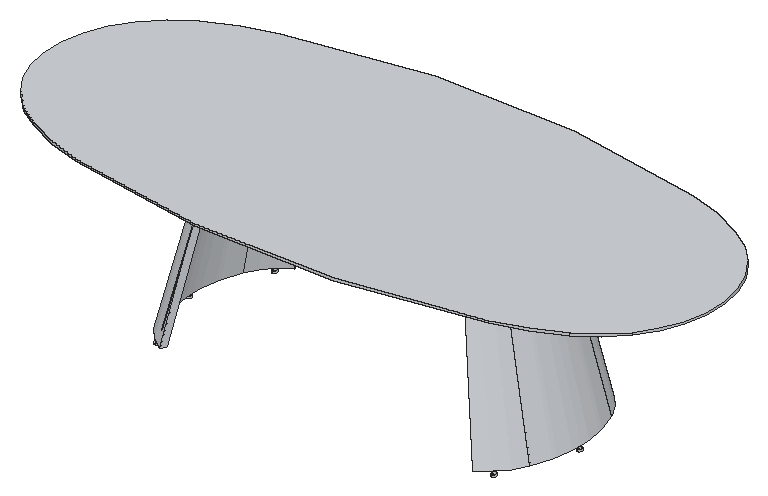
Revit family "Keilhauer-Forsi-Table-Working-Lounge", category Furniture, Revit 2016
Family settings
  OmniClass Number = 23.40.20.00
  OmniClass Title = General Furniture and Specialties
  Work Plane-Based = No
  Always vertical = Yes
  Cut with Voids When Loaded = No
  Shared = No
  Room Calculation Point = No
Parameters (values of type "82203")
  Width = 102"
  URL = "https://keilhauer.com/"
  Type Comments = "Forsi"  # constant formula
  Salvage or Reuse = yes
  Product Documentation Link = "https://keilhauer.com/product-family/forsi/"
  Percentage of Recycled Content = 0
  Model = "82203"
  Manufacturer = "Keilhauer"  # constant formula
  Low Emitting Material = yes
  Low Emitting Finish = yes
  Revit File Built By = "https://servex-us.com/servex-revit/"
  Top Finish [instance] = none
  Keynote = "12500"
  Height = 27"
  Glides Finish [instance] = none
  Frame Finish [instance] = none
  Description = "Working lounge table with ash base"
  Depth = 47"
  Copyright = "© 2022 Keilhauer"
  Base Finish [instance] = none
  Assembly Code = "E2020200"
Types (3): name | Model | Description
  (no name) | "82203" | "Working lounge table with ash base"
  82203 | "82203" | "Working lounge table with ash base"
  82204 | "82204" | "Working lounge table with walnut base"
Reference planes (in)
  plane 1 "Center Front/Back": y = 0
  plane 2: z = 0
  plane 3 "Center Left/Right": x = 0
  plane 4: z = 27
  plane 5: z = 26
  plane 6: z = 0.76743
  plane 7: x = -51
  plane 8: x = 51
  plane 9: y = 23.5
  plane 10: y = -23.5
Forms (in)
  Sweep 1, solid, material <- "Top Finish"
    path origin (0, 25.70756, 27) x (0, 1, 0) y (-1, 0, 0)
      loop
        arc (-6.15322, 31.75) -> (-7.69721, 36.5831) -> (-9.82452, 41.18932) r 41.12935
        arc (-9.82452, 41.18932) -> (-11.95348, 44.35767) -> (-14.65481, 47.05467) r 19.65134
        arc (-14.65481, 47.05467) -> (-25.70756, 51.01) -> (-36.76031, 47.05467) r 17.42052
        arc (-36.76031, 47.05467) -> (-39.46164, 44.35767) -> (-41.5906, 41.18932) r 19.65134
        arc (-41.5906, 41.18932) -> (-43.71792, 36.5831) -> (-45.2619, 31.75) r 41.12935
        arc (-45.2619, 31.75) -> (-49.21106, 0) -> (-45.2619, -31.75) r 129.60478
        arc (-45.2619, -31.75) -> (-43.71792, -36.5831) -> (-41.5906, -41.18932) r 41.12935
        arc (-41.5906, -41.18932) -> (-39.46164, -44.35767) -> (-36.76031, -47.05467) r 19.65134
        arc (-36.76031, -47.05467) -> (-25.70756, -51.01) -> (-14.65481, -47.05467) r 17.42052
        arc (-14.65481, -47.05467) -> (-11.95348, -44.35767) -> (-9.82452, -41.18932) r 19.65134
        arc (-9.82452, -41.18932) -> (-7.69721, -36.5831) -> (-6.15322, -31.75) r 41.12935
        arc (-6.15322, -31.75) -> (-2.20407, 0) -> (-6.15322, 31.75) r 129.60478
    profile origin (0, 23.50349, 27) x (0, 1, 0) y (0, 0, 1)
      loop
        line (0, 0) -> (-1.73644, 0) -> (-1.73644, -1) -> (0, -0.36799) -> (0, 0)
  Extrusion 2, solid, material <- "Top Finish"
    sketch origin (0, 24.07523, 26) x (0, 1, 0) y (-1, 0, 0)
      loop
        arc (-6.20441, 31.32462) -> (-7.68321, 35.95367) -> (-9.72072, 40.36542) r 39.39291
        arc (-9.72072, 40.36542) -> (-11.66156, 43.25381) -> (-14.12419, 45.71249) r 17.9149
        arc (-14.12419, 45.71249) -> (-24.07523, 49.27357) -> (-34.02627, 45.71249) r 15.68408
        arc (-34.02627, 45.71249) -> (-36.4889, 43.25381) -> (-38.42975, 40.36542) r 17.9149
        arc (-38.42975, 40.36542) -> (-40.46725, 35.95367) -> (-41.94605, 31.32462) r 39.39291
        arc (-41.94605, 31.32462) -> (-45.84229, 0) -> (-41.94605, -31.32462) r 127.86834
        arc (-41.94605, -31.32462) -> (-40.46725, -35.95367) -> (-38.42975, -40.36542) r 39.39291
        arc (-38.42975, -40.36542) -> (-36.4889, -43.25381) -> (-34.02627, -45.71249) r 17.9149
        arc (-34.02627, -45.71249) -> (-24.07523, -49.27357) -> (-14.12419, -45.71249) r 15.68408
        arc (-14.12419, -45.71249) -> (-11.66156, -43.25381) -> (-9.72072, -40.36542) r 17.9149
        arc (-9.72072, -40.36542) -> (-7.68321, -35.95367) -> (-6.20441, -31.32462) r 39.39291
        arc (-6.20441, -31.32462) -> (-2.30817, 0) -> (-6.20441, 31.32462) r 127.86834
    from 0 to 1
  Blend 3, solid, material <- "Base Finish"
    base sketch origin (0, 11.79175, 0.76743) x (0, 1, 0) y (-1, 0, 0)
      loop
        arc (-3.88954, 28.65625) -> (-11.79175, 30.36369) -> (-19.69396, 28.65625) r 19.13985
        arc (-19.69396, 28.65625) -> (-22.63111, 26.75382) -> (-24.87935, 24.07211) r 11.77362
        line (-24.87935, 24.07211) -> (-24.02606, 23.55067)
        arc (-24.02606, 23.55067) -> (-21.96878, 26.00461) -> (-19.28109, 27.74546) r 10.77362
        arc (-19.28109, 27.74546) -> (-11.79175, 29.36369) -> (-4.30241, 27.74546) r 18.13985
        arc (-4.30241, 27.74546) -> (-1.61472, 26.00461) -> (0.44256, 23.55067) r 10.77362
        line (0.44256, 23.55067) -> (1.29585, 24.07211)
        arc (1.29585, 24.07211) -> (-0.95238, 26.75382) -> (-3.88954, 28.65625) r 11.77362
    top sketch origin (0, 11.79175, 0.76743) x (0, 1, 0) y (-1, 0, 0)
      loop
        arc (-6.24134, 22.55922) -> (-11.79175, 23.73734) -> (-17.34215, 22.55922) r 13.66371
        arc (-17.34215, 22.55922) -> (-19.4113, 21.23586) -> (-20.99433, 19.35792) r 8.18012
        line (-20.99433, 19.35792) -> (-20.14164, 18.83549)
        arc (-20.14164, 18.83549) -> (-18.75214, 20.48386) -> (-16.93594, 21.64544) r 7.18012
        arc (-16.93594, 21.64544) -> (-11.79175, 22.73734) -> (-6.64756, 21.64544) r 12.66371
        arc (-6.64756, 21.64544) -> (-4.83136, 20.48386) -> (-3.44185, 18.83549) r 7.18012
        line (-3.44185, 18.83549) -> (-2.58917, 19.35792)
        arc (-2.58917, 19.35792) -> (-4.1722, 21.23586) -> (-6.24134, 22.55922) r 8.18012
    from 0 to 25.23257
  Extrusion 4, solid, material <- "Frame Finish"
    sketch origin (0, 24.07523, 26) x (0, 1, 0) y (-1, 0, 0)
      loop
        line (-16.07525, -18.80759) -> (-16.07525, 18.80759) -> (-18.24656, 32.09451)
        arc (-18.24656, 32.09451) -> (-24.07525, 37.048) -> (-29.90393, 32.09451) r 5.906
        line (-29.90393, 32.09451) -> (-32.07525, 18.80759) -> (-32.07525, -18.80759) -> (-29.90393, -32.09451)
        arc (-29.90393, -32.09451) -> (-24.07525, -37.048) -> (-18.24656, -32.09451) r 5.906
        line (-18.24656, -32.09451) -> (-16.07525, -18.80759)
      loop
        line (-17.07525, 18.72641) -> (-19.23347, 31.93323)
        arc (-19.23347, 31.93323) -> (-24.07525, 36.048) -> (-28.91702, 31.93323) r 4.906
        line (-28.91702, 31.93323) -> (-31.07525, 18.72641) -> (-31.07525, -18.72641) -> (-28.91702, -31.93323)
        arc (-28.91702, -31.93323) -> (-24.07525, -36.048) -> (-19.23347, -31.93323) r 4.906
        line (-19.23347, -31.93323) -> (-17.07525, -18.72641) -> (-17.07525, 18.72641)
    from 0 to -1.47963
  Revolve 5, solid, material <- "Glides Finish"
    sketch origin (-30, 0, 0) x (0, 1, 0) y (0, 0, 1)
      loop
        line (0, 0.76743) -> (0, 0) -> (0.37758, 0) -> (0.37758, 0.17655) -> (0.23236, 0.29841) -> (0.17875, 0.49847) -> (0.08638, 0.49847) -> (0.08638, 0.65236) -> (0.19536, 0.65236) -> (0.19536, 0.76743) -> (0, 0.76743)
      axis (0, 0.76743) -> (0, 0)
    angle from 0 to 360
  Revolve 6, solid, material <- "Glides Finish"
    sketch origin (-25.8523, 11.2604, 0) x (0, 1, 0) y (0, 0, 1)
      loop
        line (0, 0.76743) -> (0, 0) -> (0.37758, 0) -> (0.37758, 0.17655) -> (0.23236, 0.29841) -> (0.17875, 0.49847) -> (0.08638, 0.49847) -> (0.08638, 0.65236) -> (0.19536, 0.65236) -> (0.19536, 0.76743) -> (0, 0.76743)
      axis (0, 0.76743) -> (0, 0)
    angle from 0 to 360
  Revolve 7, solid, material <- "Glides Finish"
    sketch origin (-25.8523, -11.2604, 0) x (0, -1, 0) y (0, 0, -1)
      loop
        line (0, -0.76743) -> (0.19536, -0.76743) -> (0.19536, -0.65236) -> (0.08638, -0.65236) -> (0.08638, -0.49847) -> (0.17875, -0.49847) -> (0.23236, -0.29841) -> (0.37758, -0.17655) -> (0.37758, 0) -> (0, 0) -> (0, -0.76743)
      axis (0, -0.76743) -> (0, 0)
    angle from 0 to 360
  Revolve 8, solid, material <- "Glides Finish"
    sketch origin (30, 0, 0) x (0, 1, 0) y (0, 0, -1)
      loop
        line (0, -0.76743) -> (0.19536, -0.76743) -> (0.19536, -0.65236) -> (0.08638, -0.65236) -> (0.08638, -0.49847) -> (0.17875, -0.49847) -> (0.23236, -0.29841) -> (0.37758, -0.17655) -> (0.37758, 0) -> (0, 0) -> (0, -0.76743)
      axis (0, -0.76743) -> (0, 0)
    angle from 0 to 360
  Revolve 9, solid, material <- "Glides Finish"
    sketch origin (25.8523, 11.2604, 0) x (0, 1, 0) y (0, 0, -1)
      loop
        line (0, -0.76743) -> (0.19536, -0.76743) -> (0.19536, -0.65236) -> (0.08638, -0.65236) -> (0.08638, -0.49847) -> (0.17875, -0.49847) -> (0.23236, -0.29841) -> (0.37758, -0.17655) -> (0.37758, 0) -> (0, 0) -> (0, -0.76743)
      axis (0, -0.76743) -> (0, 0)
    angle from 0 to 360
  Revolve 10, solid, material <- "Glides Finish"
    sketch origin (25.8523, -11.2604, 0) x (0, -1, 0) y (0, 0, 1)
      loop
        line (0, 0.76743) -> (0, 0) -> (0.37758, 0) -> (0.37758, 0.17655) -> (0.23236, 0.29841) -> (0.17875, 0.49847) -> (0.08638, 0.49847) -> (0.08638, 0.65236) -> (0.19536, 0.65236) -> (0.19536, 0.76743) -> (0, 0.76743)
      axis (0, 0.76743) -> (0, 0)
    angle from 0 to 360
  Blend 11, solid, material <- "Base Finish"
    base sketch origin (0, 11.79175, 0.76743) x (0, 1, 0) y (-1, 0, 0)
      loop
        arc (-3.88954, -28.65625) -> (-0.95238, -26.75382) -> (1.29585, -24.07211) r 11.77362
        line (1.29585, -24.07211) -> (0.44256, -23.55067)
        arc (0.44256, -23.55067) -> (-1.61472, -26.00461) -> (-4.30241, -27.74546) r 10.77362
        arc (-4.30241, -27.74546) -> (-11.79175, -29.36369) -> (-19.28109, -27.74546) r 18.13985
        arc (-19.28109, -27.74546) -> (-21.96878, -26.00461) -> (-24.02606, -23.55067) r 10.77362
        line (-24.02606, -23.55067) -> (-24.87935, -24.07211)
        arc (-24.87935, -24.07211) -> (-22.63111, -26.75382) -> (-19.69396, -28.65625) r 11.77362
        arc (-19.69396, -28.65625) -> (-11.79175, -30.36369) -> (-3.88954, -28.65625) r 19.13985
    top sketch origin (0, 11.79175, 0.76743) x (0, 1, 0) y (-1, 0, 0)
      loop
        arc (-6.24134, -22.55922) -> (-4.1722, -21.23586) -> (-2.58917, -19.35792) r 8.18012
        line (-2.58917, -19.35792) -> (-3.44185, -18.83549)
        arc (-3.44185, -18.83549) -> (-4.83136, -20.48386) -> (-6.64756, -21.64544) r 7.18012
        arc (-6.64756, -21.64544) -> (-11.79175, -22.73734) -> (-16.93594, -21.64544) r 12.66371
        arc (-16.93594, -21.64544) -> (-18.75214, -20.48386) -> (-20.14164, -18.83549) r 7.18012
        line (-20.14164, -18.83549) -> (-20.99433, -19.35792)
        arc (-20.99433, -19.35792) -> (-19.4113, -21.23586) -> (-17.34215, -22.55922) r 8.18012
        arc (-17.34215, -22.55922) -> (-11.79175, -23.73734) -> (-6.24134, -22.55922) r 13.66371
    from 0 to 25.23257
Cuts and joins
  joined: Sweep 1, Extrusion 2
Lines and regions (in)
  symbolic lines
    curve 1: arc (31.75, 19.55434, 0) -> (0, 23.50349, 0) -> (-31.75, 19.55434, 0) r 129.60478
    curve 2: arc (-31.75, 19.55434, 0) -> (-36.5831, 18.01036, 0) -> (-41.18932, 15.88304, 0) r 41.12935
    curve 3: arc (-41.18932, 15.88304, 0) -> (-44.35767, 13.75408, 0) -> (-47.05467, 11.05275, 0) r 19.65134
    curve 4: arc (-47.05467, 11.05275, 0) -> (-51.01, 0, 0) -> (-47.05467, -11.05275, 0) r 17.42052
    curve 5: arc (-47.05467, -11.05275, 0) -> (-44.35767, -13.75408, 0) -> (-41.18932, -15.88304, 0) r 19.65134
    curve 6: arc (-41.18932, -15.88304, 0) -> (-36.5831, -18.01036, 0) -> (-31.75, -19.55434, 0) r 41.12935
    curve 7: arc (-31.75, -19.55434, 0) -> (0, -23.50349, 0) -> (31.75, -19.55434, 0) r 129.60478
    curve 8: arc (31.75, -19.55434, 0) -> (36.5831, -18.01036, 0) -> (41.18932, -15.88304, 0) r 41.12935
    curve 9: arc (41.18932, -15.88304, 0) -> (44.35767, -13.75408, 0) -> (47.05467, -11.05275, 0) r 19.65134
    curve 10: arc (47.05467, -11.05275, 0) -> (51.01, 0, 0) -> (47.05467, 11.05275, 0) r 17.42052
    curve 11: arc (47.05467, 11.05275, 0) -> (44.35767, 13.75408, 0) -> (41.18932, 15.88304, 0) r 19.65134
    curve 12: arc (41.18932, 15.88304, 0) -> (36.5831, 18.01036, 0) -> (31.75, 19.55434, 0) r 41.12935
  symbolic lines, style "FurnitureHiddenLines", detail levels medium+fine
    curve 13: line (-24.07211, 13.0876, 0) -> (-19.35792, 9.20258, 0)
    curve 14: arc (-28.65625, 7.90221, 0) -> (-26.75382, 10.83936, 0) -> (-24.07211, 13.0876, 0) r 11.77362
    curve 15: arc (-21.64544, 5.14419, 0) -> (-20.48386, 6.96039, 0) -> (-18.83549, 8.34989, 0) r 7.18012
    curve 16: arc (-21.64544, -5.14419, 0) -> (-22.73734, 0, 0) -> (-21.64544, 5.14419, 0) r 12.66371
    curve 17: arc (-18.83549, -8.34989, 0) -> (-20.48386, -6.96039, 0) -> (-21.64544, -5.14419, 0) r 7.18012
    curve 18: line (-19.35792, -9.20258, 0) -> (-18.83549, -8.34989, 0)
    curve 19: line (-24.07211, -13.0876, 0) -> (-19.35792, -9.20258, 0)
    curve 20: arc (-24.07211, -13.0876, 0) -> (-26.75382, -10.83936, 0) -> (-28.65625, -7.90221, 0) r 11.77362
    curve 21: arc (-28.65625, -7.90221, 0) -> (-30.36369, 0, 0) -> (-28.65625, 7.90221, 0) r 19.13985
    curve 22: line (-18.83549, 8.34989, 0) -> (-19.35792, 9.20258, 0)
    curve 23: line (24.07211, 13.0876, 0) -> (19.35792, 9.20258, 0)
    curve 24: arc (28.65625, 7.90221, 0) -> (26.75382, 10.83936, 0) -> (24.07211, 13.0876, 0) r 11.77362
    curve 25: arc (21.64544, 5.14419, 0) -> (20.48386, 6.96039, 0) -> (18.83549, 8.34989, 0) r 7.18012
    curve 26: arc (21.64544, -5.14419, 0) -> (22.73734, 0, 0) -> (21.64544, 5.14419, 0) r 12.66371
    curve 27: arc (18.83549, -8.34989, 0) -> (20.48386, -6.96039, 0) -> (21.64544, -5.14419, 0) r 7.18012
    curve 28: line (19.35792, -9.20258, 0) -> (18.83549, -8.34989, 0)
    curve 29: line (24.07211, -13.0876, 0) -> (19.35792, -9.20258, 0)
    curve 30: arc (24.07211, -13.0876, 0) -> (26.75382, -10.83936, 0) -> (28.65625, -7.90221, 0) r 11.77362
    curve 31: arc (28.65625, -7.90221, 0) -> (30.36369, 0, 0) -> (28.65625, 7.90221, 0) r 19.13985
    curve 32: line (18.83549, 8.34989, 0) -> (19.35792, 9.20258, 0)
Dimensions and locks (in)
  locked: plane 6 to plane 2 at 0.76743
  locked: plane 4 to plane 5 at 1
  "Height": plane 4 to plane 2
  equal spacing: plane 7, plane 3 "Center Left/Right", plane 8
  "Width": plane 7 to plane 8
  locked: plane 5 to Extrusion 4 at 1.47963
  equal spacing: plane 10, plane 1 "Center Front/Back", plane 9
  "Depth": plane 10 to plane 9
  aligned and locked: level to plane 2
  aligned and locked: Extrusion 2 sketch curve to Sweep 1  (x12)
  aligned and locked: Extrusion 2 to plane 5
  aligned and locked: plane 4 to Extrusion 2
  aligned and locked: plane 5 to Blend 3
  aligned and locked: Blend 3 to plane 6
  aligned and locked: plane 5 to Blend 11
  aligned and locked: Blend 11 to plane 6
  aligned and locked: plane 5 to Extrusion 4
  aligned and locked: curve 1 to cut or joined group of Sweep 1, Extrusion 2
  aligned and locked: curve 2 to cut or joined group of Sweep 1, Extrusion 2
  aligned and locked: curve 3 to cut or joined group of Sweep 1, Extrusion 2
  aligned and locked: curve 4 to cut or joined group of Sweep 1, Extrusion 2
  aligned and locked: curve 5 to cut or joined group of Sweep 1, Extrusion 2
  aligned and locked: curve 6 to cut or joined group of Sweep 1, Extrusion 2
  aligned and locked: curve 7 to cut or joined group of Sweep 1, Extrusion 2
  aligned and locked: curve 8 to cut or joined group of Sweep 1, Extrusion 2
  aligned and locked: curve 9 to cut or joined group of Sweep 1, Extrusion 2
  aligned and locked: curve 10 to cut or joined group of Sweep 1, Extrusion 2
  aligned and locked: curve 11 to cut or joined group of Sweep 1, Extrusion 2
  aligned and locked: curve 12 to cut or joined group of Sweep 1, Extrusion 2
Automatic sketch dimensions
  Sweep 1 sketch curve to plane 3 "Center Left/Right" = 0"  (x2)
  plane 1 "Center Front/Back" to Sweep 1 sketch curve = 0"  (x2)
  plane 1 "Center Front/Back" to Sweep 1 sketch curve = 1.41538"  (x2)
  plane 1 "Center Front/Back" to Sweep 1 sketch curve = 20.32176"  (x2)
  Sweep 1 sketch curve to Sweep 1 sketch curve = 85.77952"  (x2)
  Sweep 1 sketch curve to plane 1 "Center Front/Back" = 1.41538"  (x2)
  Sweep 1 sketch curve to plane 1 "Center Front/Back" = 20.32176"  (x2)
  plane 3 "Center Left/Right" to Sweep 1 sketch curve = 21.67432"  (x2)
  Sweep 1 sketch curve to Sweep 1 sketch curve = 10.19086"  (x2)
  Sweep 1 sketch curve to Sweep 1 sketch curve = 0"  (x12)
  Sweep 1 sketch curve to Sweep 1 sketch curve = 1.72431"  (x2)
  Sweep 1 sketch curve to plane 3 "Center Left/Right" = 21.67432"  (x2)
  Sweep 1 sketch curve to plane 7 = 3 121/128"
  Sweep 1 sketch curve to plane 8 = 3 121/128"
  Blend 3 sketch curve to Blend 3 sketch curve = 0"  (x18)
  plane 1 "Center Front/Back" to Blend 3 sketch curve = 0"  (x2)
  plane 1 "Center Front/Back" to Blend 3 sketch curve = 3.04127"
  Blend 3 sketch curve to Blend 3 sketch curve = 9.19304"  (x2)
  Blend 3 sketch curve to Blend 3 sketch curve = 0.85329"  (x2)
  Blend 3 sketch curve to plane 1 "Center Front/Back" = 3.04127"
  Blend 3 sketch curve to plane 3 "Center Left/Right" = 11.22384"
  Blend 3 sketch curve to Blend 3 sketch curve = 6.7091"
  Blend 3 sketch curve to Blend 3 sketch curve = 5.61773"  (x2)
  Blend 3 sketch curve to Blend 3 sketch curve = 0.52143"  (x2)
  plane 1 "Center Front/Back" to Blend 3 sketch curve = 2.22751"
  Blend 3 sketch curve to Blend 3 sketch curve = 6.12238"  (x2)
  Blend 3 sketch curve to Blend 3 sketch curve = 0.85268"  (x2)
  Blend 3 sketch curve to plane 1 "Center Front/Back" = 2.22751"
  Blend 3 sketch curve to plane 3 "Center Left/Right" = 10.07363"
  Blend 3 sketch curve to Blend 3 sketch curve = 5.01078"
  Blend 3 sketch curve to Blend 3 sketch curve = 3.75109"  (x2)
  Blend 3 sketch curve to Blend 3 sketch curve = 0.52243"  (x2)
  Extrusion 4 sketch curve to Extrusion 4 sketch curve = 0"  (x5)
  plane 1 "Center Front/Back" to Extrusion 4 sketch curve = 8"
  Extrusion 4 sketch curve to Extrusion 4 sketch curve = 1"  (x2)
  plane 1 "Center Front/Back" to Extrusion 4 sketch curve = 5.8287"  (x2)
  Extrusion 4 sketch curve to Extrusion 4 sketch curve = 0.98691"  (x4)
  plane 1 "Center Front/Back" to Extrusion 4 sketch curve = 0"  (x2)
  Extrusion 4 sketch curve to plane 1 "Center Front/Back" = 4.84176"  (x2)
  Extrusion 4 sketch curve to plane 1 "Center Front/Back" = 7"
  Extrusion 4 sketch curve to plane 8 = 18.90549"
  Extrusion 4 sketch curve to Extrusion 4 sketch curve = 0.16128"  (x2)
  Extrusion 4 sketch curve to Extrusion 4 sketch curve = 0.79123"  (x2)
  Extrusion 4 sketch curve to Extrusion 4 sketch curve = 13.28692"  (x2)
  Extrusion 4 sketch curve to Extrusion 4 sketch curve = 0.08117"  (x4)
  Extrusion 4 sketch curve to plane 3 "Center Left/Right" = 18.72641"
  Extrusion 4 sketch curve to Extrusion 4 sketch curve = 12.41559"
  Blend 11 sketch curve to Blend 11 sketch curve = 0"  (x19)
  plane 1 "Center Front/Back" to Blend 11 sketch curve = 0"  (x2)
  plane 1 "Center Front/Back" to Blend 11 sketch curve = 3.04127"
  Blend 11 sketch curve to Blend 11 sketch curve = 9.19304"  (x2)
  Blend 11 sketch curve to Blend 11 sketch curve = 0.85329"  (x2)
  Blend 11 sketch curve to plane 1 "Center Front/Back" = 3.04127"
  plane 3 "Center Left/Right" to Blend 11 sketch curve = 24.07211"  (x2)
  Blend 11 sketch curve to Blend 11 sketch curve = 0.52143"  (x2)
  Blend 11 sketch curve to Blend 11 sketch curve = 5.61773"
  Blend 11 sketch curve to Blend 11 sketch curve = 6.7091"
  plane 1 "Center Front/Back" to Blend 11 sketch curve = 2.22751"
  Blend 11 sketch curve to Blend 11 sketch curve = 6.12238"  (x2)
  Blend 11 sketch curve to Blend 11 sketch curve = 0.85268"  (x2)
  Blend 11 sketch curve to plane 1 "Center Front/Back" = 2.22751"
  plane 3 "Center Left/Right" to Blend 11 sketch curve = 19.35792"
  Blend 11 sketch curve to Blend 11 sketch curve = 0.52243"  (x2)
  Blend 11 sketch curve to Blend 11 sketch curve = 3.75109"
  Blend 11 sketch curve to Blend 11 sketch curve = 5.01078"
  plane 1 "Center Front/Back" to curve 21 = 0"
  plane 1 "Center Front/Back" to curve 16 = 0"
  plane 1 "Center Front/Back" to curve 26 = 0"
  plane 1 "Center Front/Back" to curve 31 = 0"
  curve 19 to plane 10 = 10.4124"
  curve 19 to curve 2 = 2.39779"
  plane 9 to curve 13 = 10.4124"
  curve 13 to curve 6 = 2.39779"
  plane 1 "Center Front/Back" to curve 18 = 9.20258"
  curve 20 to curve 18 = 4.71419"
  curve 22 to plane 1 "Center Front/Back" = 9.20258"
  curve 14 to curve 22 = 4.71419"
  plane 1 "Center Front/Back" to curve 18 = 8.34989"
  curve 18 to curve 18 = 0.52243"
  curve 22 to plane 1 "Center Front/Back" = 8.34989"
  curve 13 to curve 22 = 0.52243"
  curve 14 to plane 1 "Center Front/Back" = 3.04127"
  curve 15 to curve 14 = 0.90255"
  plane 1 "Center Front/Back" to curve 20 = 3.04127"
  curve 17 to curve 20 = 0.90255"
  curve 14 to curve 15 = 2.84853"
  curve 20 to curve 17 = 2.84853"
  curve 15 to curve 21 = 3.86057"
  curve 21 to curve 16 = 1.15021"
  plane 3 "Center Left/Right" to curve 26 = 10.07363"
  curve 26 to curve 31 = 1.15021"
  curve 25 to plane 1 "Center Front/Back" = 2.22751"
  curve 31 to curve 25 = 3.86057"
  plane 1 "Center Front/Back" to curve 27 = 2.22751"
  curve 27 to curve 25 = 0"
  curve 27 to curve 30 = 2.84853"
  curve 25 to curve 24 = 2.84853"
  curve 32 to plane 1 "Center Front/Back" = 8.34989"
  curve 24 to curve 32 = 0.90255"
  plane 1 "Center Front/Back" to curve 28 = 8.34989"
  curve 30 to curve 28 = 0.90255"
  plane 1 "Center Front/Back" to curve 29 = 9.20258"
  curve 27 to curve 29 = 0.52243"
  curve 32 to plane 1 "Center Front/Back" = 9.20258"
  curve 32 to curve 32 = 0.52243"
  plane 9 to curve 23 = 10.4124"
  curve 23 to curve 23 = 4.71419"
  curve 29 to plane 10 = 10.4124"
  curve 28 to curve 29 = 4.71419"
  curve 30 to curve 27 = 0.81376"
  plane 1 "Center Front/Back" to curve 17 = 2.22751"
  curve 15 to plane 1 "Center Front/Back" = 2.22751"
  curve 25 to curve 24 = 0.81376"
  curve 21 to curve 20 = 0"
  curve 16 to curve 17 = 0"
  curve 26 to curve 27 = 0"
  curve 31 to curve 30 = 0"
  Sweep 1 sketch curve to plane 4 = 0"
  Sweep 1 sketch curve to profile plane = 0"
  profile plane to Sweep 1 sketch curve = 1.73644"
  Sweep 1 sketch curve to plane 4 = 0.36799"
  Sweep 1 sketch curve to plane 4 = 1"
  Revolve 5 sketch curve to plane 1 "Center Front/Back" = 0"  (x2)
  Revolve 5 sketch curve to level = 0"  (x2)
  Revolve 5 sketch curve to plane 6 = 0"
  Revolve 5 sketch curve to plane 1 "Center Front/Back" = 0.08638"
  Revolve 5 sketch curve to Revolve 5 sketch curve = 0.09237"
  Revolve 5 sketch curve to Revolve 5 sketch curve = 0.10898"
  Revolve 5 sketch curve to Revolve 5 sketch curve = 0.05361"
  Revolve 5 sketch curve to Revolve 5 sketch curve = 0.14522"
  Revolve 5 sketch curve to Revolve 5 sketch curve = 0.17655"
  Revolve 5 sketch curve to Revolve 5 sketch curve = 0.12185"
  Revolve 5 sketch curve to Revolve 5 sketch curve = 0.20007"
  Revolve 5 sketch curve to plane 6 = 0.11507"
  Revolve 5 sketch curve to level = 0.12466"
  Revolve 6 sketch curve to plane 6 = 0"
  Revolve 6 sketch curve to level = 0"  (x2)
  Revolve 6 sketch curve to plane 1 "Center Front/Back" = 11.2604"
  Revolve 6 sketch curve to Revolve 6 sketch curve = 0.08638"
  Revolve 6 sketch curve to plane 6 = 0.26896"
  Revolve 6 sketch curve to Revolve 6 sketch curve = 0.09237"
  Revolve 6 sketch curve to Revolve 6 sketch curve = 0.10898"
  level to Revolve 6 sketch curve = 0.29841"
  Revolve 6 sketch curve to Revolve 6 sketch curve = 0.05361"
  Revolve 6 sketch curve to Revolve 6 sketch curve = 0.14522"
  Revolve 6 sketch curve to Revolve 6 sketch curve = 0.17655"
  Revolve 6 sketch curve to Revolve 6 sketch curve = 0.11507"
  Revolve 6 sketch curve to Revolve 6 sketch curve = 0"
  Revolve 6 sketch curve to level = 0.12466"
  Revolve 7 sketch curve to plane 6 = 0"
  Revolve 7 sketch curve to level = 0"  (x2)
  plane 1 "Center Front/Back" to Revolve 7 sketch curve = 11.2604"
  Revolve 7 sketch curve to Revolve 7 sketch curve = 0.08638"
  Revolve 7 sketch curve to plane 6 = 0.26896"
  Revolve 7 sketch curve to Revolve 7 sketch curve = 0.09237"
  Revolve 7 sketch curve to Revolve 7 sketch curve = 0.10898"
  level to Revolve 7 sketch curve = 0.29841"
  Revolve 7 sketch curve to Revolve 7 sketch curve = 0.05361"
  Revolve 7 sketch curve to Revolve 7 sketch curve = 0.14522"
  Revolve 7 sketch curve to plane 6 = 0.11507"
  Revolve 7 sketch curve to Revolve 7 sketch curve = 0.17655"
  Revolve 7 sketch curve to Revolve 7 sketch curve = 0"
  Revolve 7 sketch curve to level = 0.12466"
  Revolve 8 sketch curve to plane 1 "Center Front/Back" = 0"  (x2)
  Revolve 8 sketch curve to level = 0"  (x2)
  Revolve 8 sketch curve to plane 6 = 0"
  Revolve 8 sketch curve to plane 1 "Center Front/Back" = 0.08638"
  Revolve 8 sketch curve to Revolve 8 sketch curve = 0.09237"
  Revolve 8 sketch curve to Revolve 8 sketch curve = 0.10898"
  Revolve 8 sketch curve to Revolve 8 sketch curve = 0.05361"
  Revolve 8 sketch curve to Revolve 8 sketch curve = 0.14522"
  Revolve 8 sketch curve to plane 6 = 0.11507"
  Revolve 8 sketch curve to Revolve 8 sketch curve = 0.15389"
  Revolve 8 sketch curve to Revolve 8 sketch curve = 0.20007"
  Revolve 8 sketch curve to Revolve 8 sketch curve = 0.17655"
  Revolve 8 sketch curve to level = 0.12466"
  Revolve 9 sketch curve to plane 6 = 0"
  Revolve 9 sketch curve to level = 0"  (x2)
  Revolve 9 sketch curve to plane 1 "Center Front/Back" = 11.2604"
  Revolve 9 sketch curve to Revolve 9 sketch curve = 0.08638"
  Revolve 9 sketch curve to plane 6 = 0.26896"
  Revolve 9 sketch curve to Revolve 9 sketch curve = 0.09237"
  Revolve 9 sketch curve to Revolve 9 sketch curve = 0.10898"
  level to Revolve 9 sketch curve = 0.29841"
  Revolve 9 sketch curve to Revolve 9 sketch curve = 0.05361"
  Revolve 9 sketch curve to Revolve 9 sketch curve = 0.14522"
  Revolve 9 sketch curve to Revolve 9 sketch curve = 0.11507"
  level to Revolve 9 sketch curve = 0.17655"
  Revolve 9 sketch curve to Revolve 9 sketch curve = 0"
  Revolve 9 sketch curve to Revolve 9 sketch curve = 0.12466"
  Revolve 10 sketch curve to plane 6 = 0"
  Revolve 10 sketch curve to level = 0"  (x2)
  plane 1 "Center Front/Back" to Revolve 10 sketch curve = 11.2604"
  Revolve 10 sketch curve to Revolve 10 sketch curve = 0.08638"
  Revolve 10 sketch curve to plane 6 = 0.26896"
  Revolve 10 sketch curve to Revolve 10 sketch curve = 0.09237"
  Revolve 10 sketch curve to Revolve 10 sketch curve = 0.10898"
  level to Revolve 10 sketch curve = 0.29841"
  Revolve 10 sketch curve to Revolve 10 sketch curve = 0.05361"
  Revolve 10 sketch curve to Revolve 10 sketch curve = 0.14522"
  Revolve 10 sketch curve to Revolve 10 sketch curve = 0.17655"
  Revolve 10 sketch curve to plane 6 = 0.11507"
  Revolve 10 sketch curve to Revolve 10 sketch curve = 0"
  Revolve 10 sketch curve to level = 0.12466"
